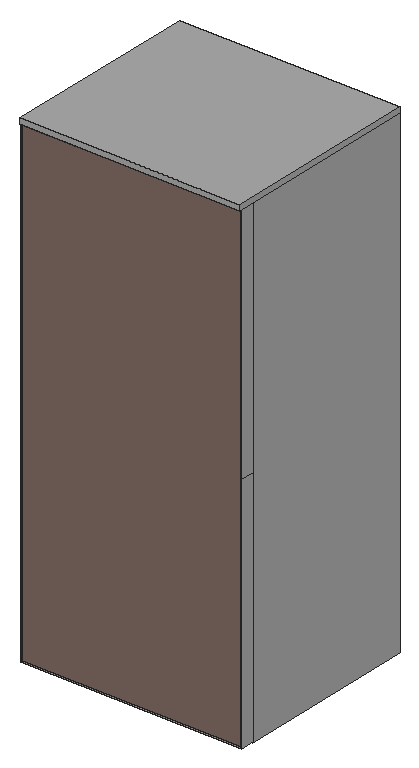
Revit family "bathroom vanity-hansgrohe-54217XXX-Xevolos E Mid-height cabinet Slate Matt Grey 400_360, door hinge right", category Furniture, Revit 2019
Family settings
  OmniClass Number = 23.40.00.00
  OmniClass Title = Equipment and Furnishings
  Work Plane-Based = No
  Always vertical = Yes
  Cut with Voids When Loaded = No
  Shared = Yes
  Room Calculation Point = No
Parameters (values of type "54217730-SLATE_MATT_GREY-DARK_OAK-200")
  etim7_EC011381 = "EC011381"
  WEIGHT = "22.5"
  UNSPSC = "56 | Furniture and Furnishings"
  UNIFORMATII = "E2010 | Fixed Furnishings"
  UNICLASS_2015_CODE = "40_30_78_05"
  UNICLASS2015 = "Pr_40_30_78_05 | Bathroom furniture"
  SURFACE = "DARK_OAK"
  REGION = "Worldwide"
  PRODUCTURL = "https://pro.hansgrohe.com/articledetail--54217770"
  PERMALINK = "54217XXX"
  OMNICLASS = "23-21 19 15 33 13 | Residential Bathroom Specialty Casework"
  OBJECTTYPE = "Object (single object)"
  OBERFLAECHE = "SLATE_MATT_GREY"
  NN = "Mid-height cabinet, door hinge"
  NBSYN = "$ARTNR.-$OBERFLAECHE.-$SURFACE.-$LODLEVEL."
  NB = "54217730-SLATE_MATT_GREY-DARK_OAK-200"
  NAME = "Xevolos E Mid-height cabinet Slate Matt Grey 400/360, door hinge right"
  Model = "54217730-SLATE_MATT_GREY-DARK_OAK-200"
  Manufacturer = "Hansgrohe"
  MIdent = "{$CADENAS_DATA/23d-libs/hansgrohe/xevolos_furniture/xevolos_mid-height_cabinet_door_hinge/mid-height_cabinet_door_hinge.prj},247 {VTYP=3D},{NB=54217730-SLATE_MATT_GREY-DARK_OAK-200},{LINA=54217730-SLATE_MATT_GREY-DARK_OAK-200},{NN=Mid-height cabinet, door hinge},{DATE=13.03.2023 11:42:53},{GEOMDATE=12.03.2023 06:48:00},{VERSION=},{LINEID=170},{WBVAR=LODLEVEL},{WBNUMERIC=}  {NB=54217730-SLATE_MATT_GREY-DARK_OAK-200},{LINA=54217730-SLATE_MATT_GREY-DARK_OAK-200},{KT=DUMMY},{IDNR=17},{ARTNR=54217730},{BASENUMBER=54217},{MODEL=54217XXX},{OBERFLAECHE=SLATE_MATT_GREY},{SURFACE=DARK_OAK},{L=400},{LODLEVEL=200},{LODLEVELX='400','400','200','200'},{NAME=Xevolos E Mid-height cabinet Slate Matt Grey 400/360, door hinge right},{PERMALINK=54217XXX},{OBJECTTYPE=Object (single object)},{BIMOBJECT=Sanitary: Compound units},{COLLECTIONSET=Xevolos E},{COLLECTION=bathroom vanity},{WEIGHT=22.5},{DESCRIPTION=Xevolos E Mid-height cabinet Slate Matt Grey 400/360, door hinge right},{PRODUCTURL=https://pro.hansgrohe.com/articledetail--54217770},{GTINCODE=0},{TENDERURL=0},{IFC=Furnishing element},{ETIM=EC011381 | Bathroom furniture set},{UNICLASS2015=Pr_40_30_78_05 | Bathroom furniture},{OMNICLASS=23-21 19 15 33 13 | Residential Bathroom Specialty Casework},{MASTERFORMAT=12 35 30.23 | Bathroom Casework},{UNSPSC=56 | Furniture and Furnishings},{UNIFORMATII=E2010 | Fixed Furnishings},{REGION=Worldwide},{DESIGN=Germany},{MANUFACTURER=Germany}"
  MASTERFORMAT = "12 35 30.23 | Bathroom Casework"
  LODLEVEL = "200"
  LINA = "54217730-SLATE_MATT_GREY-DARK_OAK-200"
  L = 400
  IFC = "Furnishing element"
  IDNR = 17
  ETIM = "EC011381 | Bathroom furniture set"
  DESIGN = "Germany"
  COLLECTIONSET = "Xevolos E"
  COLLECTION = "bathroom vanity"
  CATALOG = "Hansgrohe"
  BIMOBJECT = "Sanitary: Compound units"
  BASENUMBER = "54217"
  ARTNR = "54217730"
  54217770-SLATE_MATT_GREY-METALLIC_SLATE_GREY-400_RX0RY0RZ0TX0TY0TZ0_V = no
  54217770-SLATE_MATT_GREY-METALLIC_SLATE_GREY-200_RX0RY0RZ0TX0TY0TZ0_V = no
  54217730-SLATE_MATT_GREY-DARK_OAK-400_RX0RY0RZ0TX0TY0TZ0_V = no
  54217730-SLATE_MATT_GREY-DARK_OAK-200_RX0RY0RZ0TX0TY0TZ0_V = yes
  54217390-SLATE_MATT_GREY-PATTEREND_BRONZE-400_RX0RY0RZ0TX0TY0TZ0_V = no
  54217390-SLATE_MATT_GREY-PATTEREND_BRONZE-200_RX0RY0RZ0TX0TY0TZ0_V = no
Types (6, lengths in mm): name | SURFACE | NB | Model | MIdent | LODLEVEL | LINA | IDNR | ARTNR | 54217770-SLATE_MATT_GREY-METALLIC_SLATE_GREY-400_RX0RY0RZ0TX0TY0TZ0_V | 54217770-SLATE_MATT_GREY-METALLIC_SLATE_GREY-200_RX0RY0RZ0TX0TY0TZ0_V | 54217730-SLATE_MATT_GREY-DARK_OAK-400_RX0RY0RZ0TX0TY0TZ0_V | 54217730-SLATE_MATT_GREY-DARK_OAK-200_RX0RY0RZ0TX0TY0TZ0_V | 54217390-SLATE_MATT_GREY-PATTEREND_BRONZE-400_RX0RY0RZ0TX0TY0TZ0_V | 54217390-SLATE_MATT_GREY-PATTEREND_BRONZE-200_RX0RY0RZ0TX0TY0TZ0_V
  54217390-SLATE_MATT_GREY-PATTEREND_BRONZE-200 | "PATTEREND_BRONZE" | "54217390-SLATE_MATT_GREY-PATTEREND_BRONZE-200" | "54217390-SLATE_MATT_GREY-PATTEREND_BRONZE-200" | "{$CADENAS_DATA/23d-libs/hansgrohe/xevolos_furniture/xevolos_mid-height_cabinet_door_hinge/mid-height_cabinet_door_hinge.prj},263 {VTYP=3D},{NB=54217390-SLATE_MATT_GREY-PATTEREND_BRONZE-200},{LINA=54217390-SLATE_MATT_GREY-PATTEREND_BRONZE-200},{NN=Mid-height cabinet, door hinge},{DATE=13.03.2023 11:42:53},{GEOMDATE=12.03.2023 06:48:00},{VERSION=},{LINEID=160},{WBVAR=LODLEVEL},{WBNUMERIC=}  {NB=54217390-SLATE_MATT_GREY-PATTEREND_BRONZE-200},{LINA=54217390-SLATE_MATT_GREY-PATTEREND_BRONZE-200},{KT=DUMMY},{IDNR=16},{ARTNR=54217390},{BASENUMBER=54217},{MODEL=54217XXX},{OBERFLAECHE=SLATE_MATT_GREY},{SURFACE=PATTEREND_BRONZE},{L=400},{LODLEVEL=200},{LODLEVELX='400','400','200','200'},{NAME=Xevolos E Mid-height cabinet Slate Matt Grey 400/360, door hinge right},{PERMALINK=54217XXX},{OBJECTTYPE=Object (single object)},{BIMOBJECT=Sanitary: Compound units},{COLLECTIONSET=Xevolos E},{COLLECTION=bathroom vanity},{WEIGHT=22.5},{DESCRIPTION=Xevolos E Mid-height cabinet Slate Matt Grey 400/360, door hinge right},{PRODUCTURL=https://pro.hansgrohe.com/articledetail--54217770},{GTINCODE=0},{TENDERURL=0},{IFC=Furnishing element},{ETIM=EC011381 | Bathroom furniture set},{UNICLASS2015=Pr_40_30_78_05 | Bathroom furniture},{OMNICLASS=23-21 19 15 33 13 | Residential Bathroom Specialty Casework},{MASTERFORMAT=12 35 30.23 | Bathroom Casework},{UNSPSC=56 | Furniture and Furnishings},{UNIFORMATII=E2010 | Fixed Furnishings},{REGION=Worldwide},{DESIGN=Germany},{MANUFACTURER=Germany}" | "200" | "54217390-SLATE_MATT_GREY-PATTEREND_BRONZE-200" | 16 | "54217390" | no | no | no | no | no | yes
  54217390-SLATE_MATT_GREY-PATTEREND_BRONZE-400 | "PATTEREND_BRONZE" | "54217390-SLATE_MATT_GREY-PATTEREND_BRONZE-400" | "54217390-SLATE_MATT_GREY-PATTEREND_BRONZE-400" | "{$CADENAS_DATA/23d-libs/hansgrohe/xevolos_furniture/xevolos_mid-height_cabinet_door_hinge/mid-height_cabinet_door_hinge.prj},263 {VTYP=3D},{NB=54217390-SLATE_MATT_GREY-PATTEREND_BRONZE-400},{LINA=54217390-SLATE_MATT_GREY-PATTEREND_BRONZE-400},{NN=Mid-height cabinet, door hinge},{DATE=13.03.2023 11:42:53},{GEOMDATE=12.03.2023 06:48:00},{VERSION=},{LINEID=160},{WBVAR=LODLEVEL},{WBNUMERIC=}  {NB=54217390-SLATE_MATT_GREY-PATTEREND_BRONZE-400},{LINA=54217390-SLATE_MATT_GREY-PATTEREND_BRONZE-400},{KT=DUMMY},{IDNR=16},{ARTNR=54217390},{BASENUMBER=54217},{MODEL=54217XXX},{OBERFLAECHE=SLATE_MATT_GREY},{SURFACE=PATTEREND_BRONZE},{L=400},{LODLEVEL=400},{LODLEVELX='400','400','200','200'},{NAME=Xevolos E Mid-height cabinet Slate Matt Grey 400/360, door hinge right},{PERMALINK=54217XXX},{OBJECTTYPE=Object (single object)},{BIMOBJECT=Sanitary: Compound units},{COLLECTIONSET=Xevolos E},{COLLECTION=bathroom vanity},{WEIGHT=22.5},{DESCRIPTION=Xevolos E Mid-height cabinet Slate Matt Grey 400/360, door hinge right},{PRODUCTURL=https://pro.hansgrohe.com/articledetail--54217770},{GTINCODE=0},{TENDERURL=0},{IFC=Furnishing element},{ETIM=EC011381 | Bathroom furniture set},{UNICLASS2015=Pr_40_30_78_05 | Bathroom furniture},{OMNICLASS=23-21 19 15 33 13 | Residential Bathroom Specialty Casework},{MASTERFORMAT=12 35 30.23 | Bathroom Casework},{UNSPSC=56 | Furniture and Furnishings},{UNIFORMATII=E2010 | Fixed Furnishings},{REGION=Worldwide},{DESIGN=Germany},{MANUFACTURER=Germany}" | "400" | "54217390-SLATE_MATT_GREY-PATTEREND_BRONZE-400" | 16 | "54217390" | no | no | no | no | yes | no
  54217730-SLATE_MATT_GREY-DARK_OAK-200 | "DARK_OAK" | "54217730-SLATE_MATT_GREY-DARK_OAK-200" | "54217730-SLATE_MATT_GREY-DARK_OAK-200" | "{$CADENAS_DATA/23d-libs/hansgrohe/xevolos_furniture/xevolos_mid-height_cabinet_door_hinge/mid-height_cabinet_door_hinge.prj},247 {VTYP=3D},{NB=54217730-SLATE_MATT_GREY-DARK_OAK-200},{LINA=54217730-SLATE_MATT_GREY-DARK_OAK-200},{NN=Mid-height cabinet, door hinge},{DATE=13.03.2023 11:42:53},{GEOMDATE=12.03.2023 06:48:00},{VERSION=},{LINEID=170},{WBVAR=LODLEVEL},{WBNUMERIC=}  {NB=54217730-SLATE_MATT_GREY-DARK_OAK-200},{LINA=54217730-SLATE_MATT_GREY-DARK_OAK-200},{KT=DUMMY},{IDNR=17},{ARTNR=54217730},{BASENUMBER=54217},{MODEL=54217XXX},{OBERFLAECHE=SLATE_MATT_GREY},{SURFACE=DARK_OAK},{L=400},{LODLEVEL=200},{LODLEVELX='400','400','200','200'},{NAME=Xevolos E Mid-height cabinet Slate Matt Grey 400/360, door hinge right},{PERMALINK=54217XXX},{OBJECTTYPE=Object (single object)},{BIMOBJECT=Sanitary: Compound units},{COLLECTIONSET=Xevolos E},{COLLECTION=bathroom vanity},{WEIGHT=22.5},{DESCRIPTION=Xevolos E Mid-height cabinet Slate Matt Grey 400/360, door hinge right},{PRODUCTURL=https://pro.hansgrohe.com/articledetail--54217770},{GTINCODE=0},{TENDERURL=0},{IFC=Furnishing element},{ETIM=EC011381 | Bathroom furniture set},{UNICLASS2015=Pr_40_30_78_05 | Bathroom furniture},{OMNICLASS=23-21 19 15 33 13 | Residential Bathroom Specialty Casework},{MASTERFORMAT=12 35 30.23 | Bathroom Casework},{UNSPSC=56 | Furniture and Furnishings},{UNIFORMATII=E2010 | Fixed Furnishings},{REGION=Worldwide},{DESIGN=Germany},{MANUFACTURER=Germany}" | "200" | "54217730-SLATE_MATT_GREY-DARK_OAK-200" | 17 | "54217730" | no | no | no | yes | no | no
  54217730-SLATE_MATT_GREY-DARK_OAK-400 | "DARK_OAK" | "54217730-SLATE_MATT_GREY-DARK_OAK-400" | "54217730-SLATE_MATT_GREY-DARK_OAK-400" | "{$CADENAS_DATA/23d-libs/hansgrohe/xevolos_furniture/xevolos_mid-height_cabinet_door_hinge/mid-height_cabinet_door_hinge.prj},247 {VTYP=3D},{NB=54217730-SLATE_MATT_GREY-DARK_OAK-400},{LINA=54217730-SLATE_MATT_GREY-DARK_OAK-400},{NN=Mid-height cabinet, door hinge},{DATE=13.03.2023 11:42:53},{GEOMDATE=12.03.2023 06:48:00},{VERSION=},{LINEID=170},{WBVAR=LODLEVEL},{WBNUMERIC=}  {NB=54217730-SLATE_MATT_GREY-DARK_OAK-400},{LINA=54217730-SLATE_MATT_GREY-DARK_OAK-400},{KT=DUMMY},{IDNR=17},{ARTNR=54217730},{BASENUMBER=54217},{MODEL=54217XXX},{OBERFLAECHE=SLATE_MATT_GREY},{SURFACE=DARK_OAK},{L=400},{LODLEVEL=400},{LODLEVELX='400','400','200','200'},{NAME=Xevolos E Mid-height cabinet Slate Matt Grey 400/360, door hinge right},{PERMALINK=54217XXX},{OBJECTTYPE=Object (single object)},{BIMOBJECT=Sanitary: Compound units},{COLLECTIONSET=Xevolos E},{COLLECTION=bathroom vanity},{WEIGHT=22.5},{DESCRIPTION=Xevolos E Mid-height cabinet Slate Matt Grey 400/360, door hinge right},{PRODUCTURL=https://pro.hansgrohe.com/articledetail--54217770},{GTINCODE=0},{TENDERURL=0},{IFC=Furnishing element},{ETIM=EC011381 | Bathroom furniture set},{UNICLASS2015=Pr_40_30_78_05 | Bathroom furniture},{OMNICLASS=23-21 19 15 33 13 | Residential Bathroom Specialty Casework},{MASTERFORMAT=12 35 30.23 | Bathroom Casework},{UNSPSC=56 | Furniture and Furnishings},{UNIFORMATII=E2010 | Fixed Furnishings},{REGION=Worldwide},{DESIGN=Germany},{MANUFACTURER=Germany}" | "400" | "54217730-SLATE_MATT_GREY-DARK_OAK-400" | 17 | "54217730" | no | no | yes | no | no | no
  54217770-SLATE_MATT_GREY-METALLIC_SLATE_GREY-200 | "METALLIC_SLATE_GREY" | "54217770-SLATE_MATT_GREY-METALLIC_SLATE_GREY-200" | "54217770-SLATE_MATT_GREY-METALLIC_SLATE_GREY-200" | "{$CADENAS_DATA/23d-libs/hansgrohe/xevolos_furniture/xevolos_mid-height_cabinet_door_hinge/mid-height_cabinet_door_hinge.prj},269 {VTYP=3D},{NB=54217770-SLATE_MATT_GREY-METALLIC_SLATE_GREY-200},{LINA=54217770-SLATE_MATT_GREY-METALLIC_SLATE_GREY-200},{NN=Mid-height cabinet, door hinge},{DATE=13.03.2023 11:42:53},{GEOMDATE=12.03.2023 06:48:00},{VERSION=},{LINEID=180},{WBVAR=LODLEVEL},{WBNUMERIC=}  {NB=54217770-SLATE_MATT_GREY-METALLIC_SLATE_GREY-200},{LINA=54217770-SLATE_MATT_GREY-METALLIC_SLATE_GREY-200},{KT=DUMMY},{IDNR=18},{ARTNR=54217770},{BASENUMBER=54217},{MODEL=54217XXX},{OBERFLAECHE=SLATE_MATT_GREY},{SURFACE=METALLIC_SLATE_GREY},{L=400},{LODLEVEL=200},{LODLEVELX='400','400','200','200'},{NAME=Xevolos E Mid-height cabinet Slate Matt Grey 400/360, door hinge right},{PERMALINK=54217XXX},{OBJECTTYPE=Object (single object)},{BIMOBJECT=Sanitary: Compound units},{COLLECTIONSET=Xevolos E},{COLLECTION=bathroom vanity},{WEIGHT=22.5},{DESCRIPTION=Xevolos E Mid-height cabinet Slate Matt Grey 400/360, door hinge right},{PRODUCTURL=https://pro.hansgrohe.com/articledetail--54217770},{GTINCODE=0},{TENDERURL=0},{IFC=Furnishing element},{ETIM=EC011381 | Bathroom furniture set},{UNICLASS2015=Pr_40_30_78_05 | Bathroom furniture},{OMNICLASS=23-21 19 15 33 13 | Residential Bathroom Specialty Casework},{MASTERFORMAT=12 35 30.23 | Bathroom Casework},{UNSPSC=56 | Furniture and Furnishings},{UNIFORMATII=E2010 | Fixed Furnishings},{REGION=Worldwide},{DESIGN=Germany},{MANUFACTURER=Germany}" | "200" | "54217770-SLATE_MATT_GREY-METALLIC_SLATE_GREY-200" | 18 | "54217770" | no | yes | no | no | no | no
  54217770-SLATE_MATT_GREY-METALLIC_SLATE_GREY-400 | "METALLIC_SLATE_GREY" | "54217770-SLATE_MATT_GREY-METALLIC_SLATE_GREY-400" | "54217770-SLATE_MATT_GREY-METALLIC_SLATE_GREY-400" | "{$CADENAS_DATA/23d-libs/hansgrohe/xevolos_furniture/xevolos_mid-height_cabinet_door_hinge/mid-height_cabinet_door_hinge.prj},269 {VTYP=3D},{NB=54217770-SLATE_MATT_GREY-METALLIC_SLATE_GREY-400},{LINA=54217770-SLATE_MATT_GREY-METALLIC_SLATE_GREY-400},{NN=Mid-height cabinet, door hinge},{DATE=13.03.2023 11:42:53},{GEOMDATE=12.03.2023 06:48:00},{VERSION=},{LINEID=180},{WBVAR=LODLEVEL},{WBNUMERIC=}  {NB=54217770-SLATE_MATT_GREY-METALLIC_SLATE_GREY-400},{LINA=54217770-SLATE_MATT_GREY-METALLIC_SLATE_GREY-400},{KT=DUMMY},{IDNR=18},{ARTNR=54217770},{BASENUMBER=54217},{MODEL=54217XXX},{OBERFLAECHE=SLATE_MATT_GREY},{SURFACE=METALLIC_SLATE_GREY},{L=400},{LODLEVEL=400},{LODLEVELX='400','400','200','200'},{NAME=Xevolos E Mid-height cabinet Slate Matt Grey 400/360, door hinge right},{PERMALINK=54217XXX},{OBJECTTYPE=Object (single object)},{BIMOBJECT=Sanitary: Compound units},{COLLECTIONSET=Xevolos E},{COLLECTION=bathroom vanity},{WEIGHT=22.5},{DESCRIPTION=Xevolos E Mid-height cabinet Slate Matt Grey 400/360, door hinge right},{PRODUCTURL=https://pro.hansgrohe.com/articledetail--54217770},{GTINCODE=0},{TENDERURL=0},{IFC=Furnishing element},{ETIM=EC011381 | Bathroom furniture set},{UNICLASS2015=Pr_40_30_78_05 | Bathroom furniture},{OMNICLASS=23-21 19 15 33 13 | Residential Bathroom Specialty Casework},{MASTERFORMAT=12 35 30.23 | Bathroom Casework},{UNSPSC=56 | Furniture and Furnishings},{UNIFORMATII=E2010 | Fixed Furnishings},{REGION=Worldwide},{DESIGN=Germany},{MANUFACTURER=Germany}" | "400" | "54217770-SLATE_MATT_GREY-METALLIC_SLATE_GREY-400" | 18 | "54217770" | yes | no | no | no | no | no
Reference planes
  plane 1 "Center (Front/Back)": y = 0
  plane 2: z = 0
  plane 3 "Center (Left/Right)": x = 0
Dimensions and locks
  aligned and locked: level to plane 2
Nested families
  nested 1: "54217390-slate_matt_grey-patterend_bronze-200_content" at (0, 0, 0), visible <- "54217390-SLATE_MATT_GREY-PATTEREND_BRONZE-200_RX0RY0RZ0TX0TY0TZ0_V", ContentVisible <- "54217390-SLATE_MATT_GREY-PATTEREND_BRONZE-200_RX0RY0RZ0TX0TY0TZ0_V", type "54217390-SLATE_MATT_GREY-PATTEREND_BRONZE-200_Content"
    with ContentVisible no
  nested 2: "54217390-slate_matt_grey-patterend_bronze-400_content" at (0, 0, 0), visible <- "54217390-SLATE_MATT_GREY-PATTEREND_BRONZE-400_RX0RY0RZ0TX0TY0TZ0_V", ContentVisible <- "54217390-SLATE_MATT_GREY-PATTEREND_BRONZE-400_RX0RY0RZ0TX0TY0TZ0_V", type "54217390-SLATE_MATT_GREY-PATTEREND_BRONZE-400_Content"
    with ContentVisible no
  nested 3: "54217730-slate_matt_grey-dark_oak-200_content" at (0, 0, 0), visible <- "54217730-SLATE_MATT_GREY-DARK_OAK-200_RX0RY0RZ0TX0TY0TZ0_V", ContentVisible <- "54217730-SLATE_MATT_GREY-DARK_OAK-200_RX0RY0RZ0TX0TY0TZ0_V", type "54217730-SLATE_MATT_GREY-DARK_OAK-200_Content"
    with ContentVisible yes
  nested 4: "54217730-slate_matt_grey-dark_oak-400_content" at (0, 0, 0), visible <- "54217730-SLATE_MATT_GREY-DARK_OAK-400_RX0RY0RZ0TX0TY0TZ0_V", ContentVisible <- "54217730-SLATE_MATT_GREY-DARK_OAK-400_RX0RY0RZ0TX0TY0TZ0_V", type "54217730-SLATE_MATT_GREY-DARK_OAK-400_Content"
    with ContentVisible no
  nested 5: "54217770-slate_matt_grey-metallic_slate_grey-200_content" at (0, 0, 0), visible <- "54217770-SLATE_MATT_GREY-METALLIC_SLATE_GREY-200_RX0RY0RZ0TX0TY0TZ0_V", ContentVisible <- "54217770-SLATE_MATT_GREY-METALLIC_SLATE_GREY-200_RX0RY0RZ0TX0TY0TZ0_V", type "54217770-SLATE_MATT_GREY-METALLIC_SLATE_GREY-200_Content"
    with ContentVisible no
  nested 6: "54217770-slate_matt_grey-metallic_slate_grey-400_content" at (0, 0, 0), visible <- "54217770-SLATE_MATT_GREY-METALLIC_SLATE_GREY-400_RX0RY0RZ0TX0TY0TZ0_V", ContentVisible <- "54217770-SLATE_MATT_GREY-METALLIC_SLATE_GREY-400_RX0RY0RZ0TX0TY0TZ0_V", type "54217770-SLATE_MATT_GREY-METALLIC_SLATE_GREY-400_Content"
    with ContentVisible no
Definition of nested family "54217730-slate_matt_grey-dark_oak-200_content"
  Parameters (values of type "54217730-SLATE_MATT_GREY-DARK_OAK-200_Content")
    etim7_EC011381 = "EC011381"
    WEIGHT = "22.5"
    UNSPSC = "56 | Furniture and Furnishings"
    UNIFORMATII = "E2010 | Fixed Furnishings"
    UNICLASS_2015_CODE = "40_30_78_05"
    UNICLASS2015 = "Pr_40_30_78_05 | Bathroom furniture"
    SURFACE = "DARK_OAK"
    REGION = "Worldwide"
    PRODUCTURL = "https://pro.hansgrohe.com/articledetail--54217770"
    PERMALINK = "54217XXX"
    OMNICLASS = "23-21 19 15 33 13 | Residential Bathroom Specialty Casework"
    OBJECTTYPE = "Object (single object)"
    OBERFLAECHE = "SLATE_MATT_GREY"
    NN = "Mid-height cabinet, door hinge"
    NBSYN = "$ARTNR.-$OBERFLAECHE.-$SURFACE.-$LODLEVEL."
    NB = "54217730-SLATE_MATT_GREY-DARK_OAK-200"
    NAME = "Xevolos E Mid-height cabinet Slate Matt Grey 400/360, door hinge right"
    Model = "54217730-SLATE_MATT_GREY-DARK_OAK-200"
    Manufacturer = "Hansgrohe"
    MASTERFORMAT = "12 35 30.23 | Bathroom Casework"
    LODLEVEL = "200"
    LINA = "54217730-SLATE_MATT_GREY-DARK_OAK-200"
    L = 400
    IFC = "Furnishing element"
    IDNR = 17
    ETIM = "EC011381 | Bathroom furniture set"
    Default Elevation = 1219.2 mm
    DESIGN = "Germany"
    ContentVisible [instance] = yes
    COLLECTIONSET = "Xevolos E"
    COLLECTION = "bathroom vanity"
    CATALOG = "Hansgrohe"
    BIMOBJECT = "Sanitary: Compound units"
    BASENUMBER = "54217"
    ARTNR = "54217730"
  Reference planes
    plane 1 "Center (Front/Back)": y = 0
    plane 2: z = 0
    plane 3 "Center (Left/Right)": x = 0
  Forms (mm)
    Extrusion 1, solid, visible <- "ContentVisible", detail levels medium+fine
      sketch origin (0, 0, 0) x (1, 0, 0) y (0, 1, 0)
        loop
          line (-200, 0) -> (-200, -334.5) -> (200, -334.5) -> (200, 0) -> (-200, 0)
      from 0 to 878
    Extrusion 2, solid, visible <- "ContentVisible", detail levels medium+fine
      sketch origin (0, -334.5, 0) x (1, 0, 0) y (0, 0, -1)
        loop
          line (-200, -2) -> (-200, -440) -> (-198, -440) -> (-198, -4) -> (198, -4) -> (198, -440) -> (200, -440) -> (200, -2) -> (-200, -2)
      from -24.75 to 0
    Extrusion 3, solid, visible <- "ContentVisible", detail levels medium+fine
      sketch origin (0, -334.5, 0) x (1, 0, 0) y (0, 0, -1)
        loop
          line (-200, -440) -> (-200, -878) -> (200, -878) -> (200, -440) -> (198, -440) -> (198, -876) -> (-198, -876) -> (-198, -440) -> (-200, -440)
      from -24.75 to 0
    Extrusion 4, solid, visible <- "ContentVisible", detail levels medium+fine
      sketch origin (0, -334.5, 0) x (1, 0, 0) y (0, 0, -1)
        loop
          line (-198, -4) -> (-198, -876) -> (198, -876) -> (198, -4) -> (-198, -4)
      from -24.75 to 0
    Extrusion 5, solid, visible <- "ContentVisible", detail levels medium+fine
      sketch origin (0, 0, 878) x (1, 0, 0) y (0, 1, 0)
        loop
          line (-200, -362) -> (200, -362) -> (200, 0) -> (-200, 0) -> (-200, -362)
      from 0 to 10
    Extrusion 6, solid, visible <- "ContentVisible", detail levels coarse
      sketch origin (0, -181, 0) x (1, 0, 0) y (0, 1, 0)
        loop
          line (-200, -181) -> (200, -181) -> (200, 181) -> (-200, 181) -> (-200, -181)
      from 0 to 888
  Dimensions and locks
    aligned and locked: level to plane 2
Definition of nested family "54217390-slate_matt_grey-patterend_bronze-200_content"
  Parameters (values of type "54217390-SLATE_MATT_GREY-PATTEREND_BRONZE-200_Content")
    etim7_EC011381 = "EC011381"
    WEIGHT = "22.5"
    UNSPSC = "56 | Furniture and Furnishings"
    UNIFORMATII = "E2010 | Fixed Furnishings"
    UNICLASS_2015_CODE = "40_30_78_05"
    UNICLASS2015 = "Pr_40_30_78_05 | Bathroom furniture"
    SURFACE = "PATTEREND_BRONZE"
    REGION = "Worldwide"
    PRODUCTURL = "https://pro.hansgrohe.com/articledetail--54217770"
    PERMALINK = "54217XXX"
    OMNICLASS = "23-21 19 15 33 13 | Residential Bathroom Specialty Casework"
    OBJECTTYPE = "Object (single object)"
    OBERFLAECHE = "SLATE_MATT_GREY"
    NN = "Mid-height cabinet, door hinge"
    NBSYN = "$ARTNR.-$OBERFLAECHE.-$SURFACE.-$LODLEVEL."
    NB = "54217390-SLATE_MATT_GREY-PATTEREND_BRONZE-200"
    NAME = "Xevolos E Mid-height cabinet Slate Matt Grey 400/360, door hinge right"
    Model = "54217390-SLATE_MATT_GREY-PATTEREND_BRONZE-200"
    Manufacturer = "Hansgrohe"
    MASTERFORMAT = "12 35 30.23 | Bathroom Casework"
    LODLEVEL = "200"
    LINA = "54217390-SLATE_MATT_GREY-PATTEREND_BRONZE-200"
    L = 400
    IFC = "Furnishing element"
    IDNR = 16
    ETIM = "EC011381 | Bathroom furniture set"
    Default Elevation = 1219.2 mm
    DESIGN = "Germany"
    ContentVisible [instance] = yes
    COLLECTIONSET = "Xevolos E"
    COLLECTION = "bathroom vanity"
    CATALOG = "Hansgrohe"
    BIMOBJECT = "Sanitary: Compound units"
    BASENUMBER = "54217"
    ARTNR = "54217390"
  Reference planes
    plane 1 "Center (Front/Back)": y = 0
    plane 2: z = 0
    plane 3 "Center (Left/Right)": x = 0
  Forms (mm)
    Extrusion 1, solid, visible <- "ContentVisible", detail levels medium+fine
      sketch origin (0, 0, 0) x (1, 0, 0) y (0, 1, 0)
        loop
          line (-200, 0) -> (-200, -334.5) -> (200, -334.5) -> (200, 0) -> (-200, 0)
      from 0 to 878
    Extrusion 2, solid, visible <- "ContentVisible", detail levels medium+fine
      sketch origin (0, -334.5, 0) x (1, 0, 0) y (0, 0, -1)
        loop
          line (-200, -2) -> (-200, -440) -> (-198, -440) -> (-198, -4) -> (198, -4) -> (198, -440) -> (200, -440) -> (200, -2) -> (-200, -2)
      from -24.75 to 0
    Extrusion 3, solid, visible <- "ContentVisible", detail levels medium+fine
      sketch origin (0, -334.5, 0) x (1, 0, 0) y (0, 0, -1)
        loop
          line (-200, -440) -> (-200, -878) -> (200, -878) -> (200, -440) -> (198, -440) -> (198, -876) -> (-198, -876) -> (-198, -440) -> (-200, -440)
      from -24.75 to 0
    Extrusion 4, solid, visible <- "ContentVisible", detail levels medium+fine
      sketch origin (0, -334.5, 0) x (1, 0, 0) y (0, 0, -1)
        loop
          line (-198, -4) -> (-198, -876) -> (198, -876) -> (198, -4) -> (-198, -4)
      from -24.75 to 0
    Extrusion 5, solid, visible <- "ContentVisible", detail levels medium+fine
      sketch origin (0, 0, 878) x (1, 0, 0) y (0, 1, 0)
        loop
          line (-200, -362) -> (200, -362) -> (200, 0) -> (-200, 0) -> (-200, -362)
      from 0 to 10
    Extrusion 6, solid, visible <- "ContentVisible", detail levels coarse
      sketch origin (0, -181, 0) x (1, 0, 0) y (0, 1, 0)
        loop
          line (-200, -181) -> (200, -181) -> (200, 181) -> (-200, 181) -> (-200, -181)
      from 0 to 888
  Dimensions and locks
    aligned and locked: level to plane 2
Definition of nested family "54217390-slate_matt_grey-patterend_bronze-400_content"
  Parameters (values of type "54217390-SLATE_MATT_GREY-PATTEREND_BRONZE-400_Content")
    etim7_EC011381 = "EC011381"
    WEIGHT = "22.5"
    UNSPSC = "56 | Furniture and Furnishings"
    UNIFORMATII = "E2010 | Fixed Furnishings"
    UNICLASS_2015_CODE = "40_30_78_05"
    UNICLASS2015 = "Pr_40_30_78_05 | Bathroom furniture"
    SURFACE = "PATTEREND_BRONZE"
    REGION = "Worldwide"
    PRODUCTURL = "https://pro.hansgrohe.com/articledetail--54217770"
    PERMALINK = "54217XXX"
    OMNICLASS = "23-21 19 15 33 13 | Residential Bathroom Specialty Casework"
    OBJECTTYPE = "Object (single object)"
    OBERFLAECHE = "SLATE_MATT_GREY"
    NN = "Mid-height cabinet, door hinge"
    NBSYN = "$ARTNR.-$OBERFLAECHE.-$SURFACE.-$LODLEVEL."
    NB = "54217390-SLATE_MATT_GREY-PATTEREND_BRONZE-400"
    NAME = "Xevolos E Mid-height cabinet Slate Matt Grey 400/360, door hinge right"
    Model = "54217390-SLATE_MATT_GREY-PATTEREND_BRONZE-400"
    Manufacturer = "Hansgrohe"
    MASTERFORMAT = "12 35 30.23 | Bathroom Casework"
    LODLEVEL = "400"
    LINA = "54217390-SLATE_MATT_GREY-PATTEREND_BRONZE-400"
    L = 400
    IFC = "Furnishing element"
    IDNR = 16
    ETIM = "EC011381 | Bathroom furniture set"
    Default Elevation = 1219.2 mm
    DESIGN = "Germany"
    ContentVisible [instance] = yes
    COLLECTIONSET = "Xevolos E"
    COLLECTION = "bathroom vanity"
    CATALOG = "Hansgrohe"
    BIMOBJECT = "Sanitary: Compound units"
    BASENUMBER = "54217"
    ARTNR = "54217390"
  Reference planes
    plane 1 "Center (Front/Back)": y = 0
    plane 2: z = 0
    plane 3 "Center (Left/Right)": x = 0
  Forms (mm)
    Extrusion 1, solid, visible <- "ContentVisible", detail levels medium+fine
      sketch origin (0, 0, 0) x (1, 0, 0) y (0, 1, 0)
        loop
          line (-200, 0) -> (-200, -334.5) -> (200, -334.5) -> (200, 0) -> (184, 0) -> (184, -16.8) -> (-184, -16.8) -> (-184, 0) -> (-200, 0)
      from 0 to 878
    Extrusion 2, solid, visible <- "ContentVisible", detail levels medium+fine
      sketch origin (0, -334.5, 0) x (1, 0, 0) y (0, 0, -1)
        loop
          line (-200, -2) -> (-200, -440) -> (-198, -440) -> (-198, -4) -> (198, -4) -> (198, -440) -> (200, -440) -> (200, -2) -> (-200, -2)
      from -24.75 to 0
    Extrusion 3, solid, visible <- "ContentVisible", detail levels medium+fine
      sketch origin (0, -334.5, 0) x (1, 0, 0) y (0, 0, -1)
        loop
          line (-200, -440) -> (-200, -878) -> (200, -878) -> (200, -440) -> (198, -440) -> (198, -876) -> (-198, -876) -> (-198, -440) -> (-200, -440)
      from -24.75 to 0
    Extrusion 4, solid, visible <- "ContentVisible", detail levels medium+fine
      sketch origin (0, -334.5, 0) x (1, 0, 0) y (0, 0, -1)
        loop
          line (-198, -4) -> (-198, -876) -> (198, -876) -> (198, -4) -> (-198, -4)
      from -24.75 to 0
    Extrusion 5, solid, visible <- "ContentVisible", detail levels medium+fine
      sketch origin (0, 0, 878) x (1, 0, 0) y (0, 1, 0)
        loop
          line (-200, -362) -> (200, -362) -> (200, 0) -> (-200, 0) -> (-200, -362)
      from 0 to 10
    Extrusion 6, solid, visible <- "ContentVisible", detail levels coarse
      sketch origin (0, -181, 0) x (1, 0, 0) y (0, 1, 0)
        loop
          line (-200, -181) -> (200, -181) -> (200, 181) -> (-200, 181) -> (-200, -181)
      from 0 to 888
  Dimensions and locks
    aligned and locked: level to plane 2
Definition of nested family "54217730-slate_matt_grey-dark_oak-400_content"
  Parameters (values of type "54217730-SLATE_MATT_GREY-DARK_OAK-400_Content")
    etim7_EC011381 = "EC011381"
    WEIGHT = "22.5"
    UNSPSC = "56 | Furniture and Furnishings"
    UNIFORMATII = "E2010 | Fixed Furnishings"
    UNICLASS_2015_CODE = "40_30_78_05"
    UNICLASS2015 = "Pr_40_30_78_05 | Bathroom furniture"
    SURFACE = "DARK_OAK"
    REGION = "Worldwide"
    PRODUCTURL = "https://pro.hansgrohe.com/articledetail--54217770"
    PERMALINK = "54217XXX"
    OMNICLASS = "23-21 19 15 33 13 | Residential Bathroom Specialty Casework"
    OBJECTTYPE = "Object (single object)"
    OBERFLAECHE = "SLATE_MATT_GREY"
    NN = "Mid-height cabinet, door hinge"
    NBSYN = "$ARTNR.-$OBERFLAECHE.-$SURFACE.-$LODLEVEL."
    NB = "54217730-SLATE_MATT_GREY-DARK_OAK-400"
    NAME = "Xevolos E Mid-height cabinet Slate Matt Grey 400/360, door hinge right"
    Model = "54217730-SLATE_MATT_GREY-DARK_OAK-400"
    Manufacturer = "Hansgrohe"
    MASTERFORMAT = "12 35 30.23 | Bathroom Casework"
    LODLEVEL = "400"
    LINA = "54217730-SLATE_MATT_GREY-DARK_OAK-400"
    L = 400
    IFC = "Furnishing element"
    IDNR = 17
    ETIM = "EC011381 | Bathroom furniture set"
    Default Elevation = 1219.2 mm
    DESIGN = "Germany"
    ContentVisible [instance] = yes
    COLLECTIONSET = "Xevolos E"
    COLLECTION = "bathroom vanity"
    CATALOG = "Hansgrohe"
    BIMOBJECT = "Sanitary: Compound units"
    BASENUMBER = "54217"
    ARTNR = "54217730"
  Reference planes
    plane 1 "Center (Front/Back)": y = 0
    plane 2: z = 0
    plane 3 "Center (Left/Right)": x = 0
  Forms (mm)
    Extrusion 1, solid, visible <- "ContentVisible", detail levels medium+fine
      sketch origin (0, 0, 0) x (1, 0, 0) y (0, 1, 0)
        loop
          line (-200, 0) -> (-200, -334.5) -> (200, -334.5) -> (200, 0) -> (184, 0) -> (184, -16.8) -> (-184, -16.8) -> (-184, 0) -> (-200, 0)
      from 0 to 878
    Extrusion 2, solid, visible <- "ContentVisible", detail levels medium+fine
      sketch origin (0, -334.5, 0) x (1, 0, 0) y (0, 0, -1)
        loop
          line (-200, -2) -> (-200, -440) -> (-198, -440) -> (-198, -4) -> (198, -4) -> (198, -440) -> (200, -440) -> (200, -2) -> (-200, -2)
      from -24.75 to 0
    Extrusion 3, solid, visible <- "ContentVisible", detail levels medium+fine
      sketch origin (0, -334.5, 0) x (1, 0, 0) y (0, 0, -1)
        loop
          line (-200, -440) -> (-200, -878) -> (200, -878) -> (200, -440) -> (198, -440) -> (198, -876) -> (-198, -876) -> (-198, -440) -> (-200, -440)
      from -24.75 to 0
    Extrusion 4, solid, visible <- "ContentVisible", detail levels medium+fine
      sketch origin (0, -334.5, 0) x (1, 0, 0) y (0, 0, -1)
        loop
          line (-198, -4) -> (-198, -876) -> (198, -876) -> (198, -4) -> (-198, -4)
      from -24.75 to 0
    Extrusion 5, solid, visible <- "ContentVisible", detail levels medium+fine
      sketch origin (0, 0, 878) x (1, 0, 0) y (0, 1, 0)
        loop
          line (-200, -362) -> (200, -362) -> (200, 0) -> (-200, 0) -> (-200, -362)
      from 0 to 10
    Extrusion 6, solid, visible <- "ContentVisible", detail levels coarse
      sketch origin (0, -181, 0) x (1, 0, 0) y (0, 1, 0)
        loop
          line (-200, -181) -> (200, -181) -> (200, 181) -> (-200, 181) -> (-200, -181)
      from 0 to 888
  Dimensions and locks
    aligned and locked: level to plane 2
Definition of nested family "54217770-slate_matt_grey-metallic_slate_grey-200_content"
  Parameters (values of type "54217770-SLATE_MATT_GREY-METALLIC_SLATE_GREY-200_Content")
    etim7_EC011381 = "EC011381"
    WEIGHT = "22.5"
    UNSPSC = "56 | Furniture and Furnishings"
    UNIFORMATII = "E2010 | Fixed Furnishings"
    UNICLASS_2015_CODE = "40_30_78_05"
    UNICLASS2015 = "Pr_40_30_78_05 | Bathroom furniture"
    SURFACE = "METALLIC_SLATE_GREY"
    REGION = "Worldwide"
    PRODUCTURL = "https://pro.hansgrohe.com/articledetail--54217770"
    PERMALINK = "54217XXX"
    OMNICLASS = "23-21 19 15 33 13 | Residential Bathroom Specialty Casework"
    OBJECTTYPE = "Object (single object)"
    OBERFLAECHE = "SLATE_MATT_GREY"
    NN = "Mid-height cabinet, door hinge"
    NBSYN = "$ARTNR.-$OBERFLAECHE.-$SURFACE.-$LODLEVEL."
    NB = "54217770-SLATE_MATT_GREY-METALLIC_SLATE_GREY-200"
    NAME = "Xevolos E Mid-height cabinet Slate Matt Grey 400/360, door hinge right"
    Model = "54217770-SLATE_MATT_GREY-METALLIC_SLATE_GREY-200"
    Manufacturer = "Hansgrohe"
    MASTERFORMAT = "12 35 30.23 | Bathroom Casework"
    LODLEVEL = "200"
    LINA = "54217770-SLATE_MATT_GREY-METALLIC_SLATE_GREY-200"
    L = 400
    IFC = "Furnishing element"
    IDNR = 18
    ETIM = "EC011381 | Bathroom furniture set"
    Default Elevation = 1219.2 mm
    DESIGN = "Germany"
    ContentVisible [instance] = yes
    COLLECTIONSET = "Xevolos E"
    COLLECTION = "bathroom vanity"
    CATALOG = "Hansgrohe"
    BIMOBJECT = "Sanitary: Compound units"
    BASENUMBER = "54217"
    ARTNR = "54217770"
  Reference planes
    plane 1 "Center (Front/Back)": y = 0
    plane 2: z = 0
    plane 3 "Center (Left/Right)": x = 0
  Forms (mm)
    Extrusion 1, solid, visible <- "ContentVisible", detail levels medium+fine
      sketch origin (0, 0, 0) x (1, 0, 0) y (0, 1, 0)
        loop
          line (-200, 0) -> (-200, -334.5) -> (200, -334.5) -> (200, 0) -> (-200, 0)
      from 0 to 878
    Extrusion 2, solid, visible <- "ContentVisible", detail levels medium+fine
      sketch origin (0, -334.5, 0) x (1, 0, 0) y (0, 0, -1)
        loop
          line (-200, -2) -> (-200, -440) -> (-198, -440) -> (-198, -4) -> (198, -4) -> (198, -440) -> (200, -440) -> (200, -2) -> (-200, -2)
      from -24.75 to 0
    Extrusion 3, solid, visible <- "ContentVisible", detail levels medium+fine
      sketch origin (0, -334.5, 0) x (1, 0, 0) y (0, 0, -1)
        loop
          line (-200, -440) -> (-200, -878) -> (200, -878) -> (200, -440) -> (198, -440) -> (198, -876) -> (-198, -876) -> (-198, -440) -> (-200, -440)
      from -24.75 to 0
    Extrusion 4, solid, visible <- "ContentVisible", detail levels medium+fine
      sketch origin (0, -334.5, 0) x (1, 0, 0) y (0, 0, -1)
        loop
          line (-198, -4) -> (-198, -876) -> (198, -876) -> (198, -4) -> (-198, -4)
      from -24.75 to 0
    Extrusion 5, solid, visible <- "ContentVisible", detail levels medium+fine
      sketch origin (0, 0, 878) x (1, 0, 0) y (0, 1, 0)
        loop
          line (-200, -362) -> (200, -362) -> (200, 0) -> (-200, 0) -> (-200, -362)
      from 0 to 10
    Extrusion 6, solid, visible <- "ContentVisible", detail levels coarse
      sketch origin (0, -181, 0) x (1, 0, 0) y (0, 1, 0)
        loop
          line (-200, -181) -> (200, -181) -> (200, 181) -> (-200, 181) -> (-200, -181)
      from 0 to 888
  Dimensions and locks
    aligned and locked: level to plane 2
Definition of nested family "54217770-slate_matt_grey-metallic_slate_grey-400_content"
  Parameters (values of type "54217770-SLATE_MATT_GREY-METALLIC_SLATE_GREY-400_Content")
    etim7_EC011381 = "EC011381"
    WEIGHT = "22.5"
    UNSPSC = "56 | Furniture and Furnishings"
    UNIFORMATII = "E2010 | Fixed Furnishings"
    UNICLASS_2015_CODE = "40_30_78_05"
    UNICLASS2015 = "Pr_40_30_78_05 | Bathroom furniture"
    SURFACE = "METALLIC_SLATE_GREY"
    REGION = "Worldwide"
    PRODUCTURL = "https://pro.hansgrohe.com/articledetail--54217770"
    PERMALINK = "54217XXX"
    OMNICLASS = "23-21 19 15 33 13 | Residential Bathroom Specialty Casework"
    OBJECTTYPE = "Object (single object)"
    OBERFLAECHE = "SLATE_MATT_GREY"
    NN = "Mid-height cabinet, door hinge"
    NBSYN = "$ARTNR.-$OBERFLAECHE.-$SURFACE.-$LODLEVEL."
    NB = "54217770-SLATE_MATT_GREY-METALLIC_SLATE_GREY-400"
    NAME = "Xevolos E Mid-height cabinet Slate Matt Grey 400/360, door hinge right"
    Model = "54217770-SLATE_MATT_GREY-METALLIC_SLATE_GREY-400"
    Manufacturer = "Hansgrohe"
    MASTERFORMAT = "12 35 30.23 | Bathroom Casework"
    LODLEVEL = "400"
    LINA = "54217770-SLATE_MATT_GREY-METALLIC_SLATE_GREY-400"
    L = 400
    IFC = "Furnishing element"
    IDNR = 18
    ETIM = "EC011381 | Bathroom furniture set"
    Default Elevation = 1219.2 mm
    DESIGN = "Germany"
    ContentVisible [instance] = yes
    COLLECTIONSET = "Xevolos E"
    COLLECTION = "bathroom vanity"
    CATALOG = "Hansgrohe"
    BIMOBJECT = "Sanitary: Compound units"
    BASENUMBER = "54217"
    ARTNR = "54217770"
  Reference planes
    plane 1 "Center (Front/Back)": y = 0
    plane 2: z = 0
    plane 3 "Center (Left/Right)": x = 0
  Forms (mm)
    Extrusion 1, solid, visible <- "ContentVisible", detail levels medium+fine
      sketch origin (0, 0, 0) x (1, 0, 0) y (0, 1, 0)
        loop
          line (-200, 0) -> (-200, -334.5) -> (200, -334.5) -> (200, 0) -> (184, 0) -> (184, -16.8) -> (-184, -16.8) -> (-184, 0) -> (-200, 0)
      from 0 to 878
    Extrusion 2, solid, visible <- "ContentVisible", detail levels medium+fine
      sketch origin (0, -334.5, 0) x (1, 0, 0) y (0, 0, -1)
        loop
          line (-200, -2) -> (-200, -440) -> (-198, -440) -> (-198, -4) -> (198, -4) -> (198, -440) -> (200, -440) -> (200, -2) -> (-200, -2)
      from -24.75 to 0
    Extrusion 3, solid, visible <- "ContentVisible", detail levels medium+fine
      sketch origin (0, -334.5, 0) x (1, 0, 0) y (0, 0, -1)
        loop
          line (-200, -440) -> (-200, -878) -> (200, -878) -> (200, -440) -> (198, -440) -> (198, -876) -> (-198, -876) -> (-198, -440) -> (-200, -440)
      from -24.75 to 0
    Extrusion 4, solid, visible <- "ContentVisible", detail levels medium+fine
      sketch origin (0, -334.5, 0) x (1, 0, 0) y (0, 0, -1)
        loop
          line (-198, -4) -> (-198, -876) -> (198, -876) -> (198, -4) -> (-198, -4)
      from -24.75 to 0
    Extrusion 5, solid, visible <- "ContentVisible", detail levels medium+fine
      sketch origin (0, 0, 878) x (1, 0, 0) y (0, 1, 0)
        loop
          line (-200, -362) -> (200, -362) -> (200, 0) -> (-200, 0) -> (-200, -362)
      from 0 to 10
    Extrusion 6, solid, visible <- "ContentVisible", detail levels coarse
      sketch origin (0, -181, 0) x (1, 0, 0) y (0, 1, 0)
        loop
          line (-200, -181) -> (200, -181) -> (200, 181) -> (-200, 181) -> (-200, -181)
      from 0 to 888
  Dimensions and locks
    aligned and locked: level to plane 2
